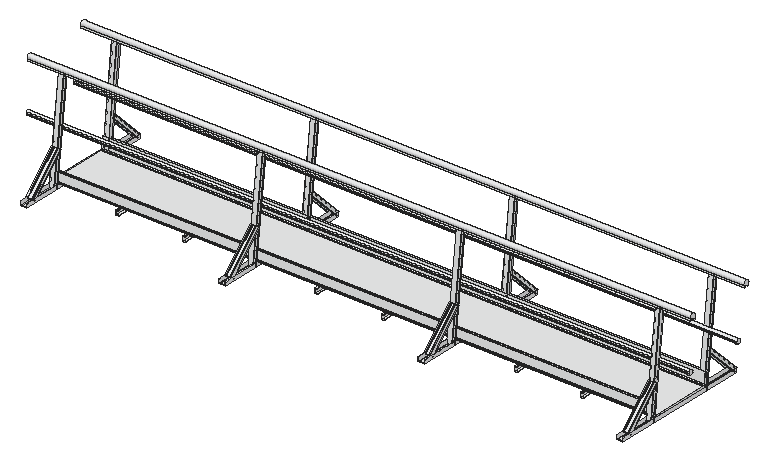
Revit family "Walkway_Kattsafe_Guardrail2Sides", category Specialty Equipment, Revit 2025 (continued)
Definition of nested family "z_Walkway_Batten_Kattsafe_Array"
  Definition of nested family "z_WalkwayBatten_Kattsafe"
    Parameters (values of type "700w (GW359D.700)")
      ManufacturerOverallHeight = 40 mm  # constant formula
      Manufacturer = "SAYFA"  # constant formula
      Keynote = ""
      IfcExportType = "NOTDEFINED"
      IfcExportAs = "IfcRailing"
      Export Type to IFC As = "IfcRailing"
      Description = "Pace 600 Walkway Support Batten"
      Default Elevation = 0 mm  # constant formula
      CreatedBy = "IGS BIM Solutions"  # constant formula
      CreatedByURL = "https://igsgroup.com.au"
    Reference planes
      plane 1 "Bottom": z = 0
      plane 2 "Center (Front/Back)": y = 0
      plane 3 "Front": y = -15
      plane 4 "Left": x = -25.785
      plane 5 "Center (Left/Right)": x = 324.215
      plane 6 "Top": z = 40
      plane 7 "Right": x = 674.215
      plane 8 "Back": y = 15
    Forms (mm)
      Extrusion 1, solid, material <- "Material"
        sketch origin (-25.785, 0, 0) x (0, 1, 0) y (0, 0, 1)
          loop
            line (15, 0) -> (15, 40) -> (-5, 40) -> (-5, 38) -> (13, 38) -> (13, 2) -> (-15, 2) -> (-15, 0) -> (15, 0)
        from 0 to 700
    Dimensions and locks
      "ManufacturerOverallWidth": plane 8 "Back" to plane 3 "Front"
      "ManufacturerOverallHeight": plane 6 "Top" to plane 1 "Bottom"
      equal spacing: plane 4 "Left", plane 5 "Center (Left/Right)", plane 7 "Right"
      "ManufacturerOverallLength": plane 4 "Left" to plane 7 "Right"
      equal spacing: plane 8 "Back", plane 2 "Center (Front/Back)", plane 3 "Front"
      aligned and locked: plane 1 "Bottom" to level
      aligned and locked: Extrusion 1 to plane 4 "Left"
      aligned and locked: Extrusion 1 to plane 7 "Right"
    Automatic sketch dimensions
      level to Extrusion 1 sketch curve = 0 mm
      Extrusion 1 sketch curve to plane 3 "Front" = 0 mm
      plane 6 "Top" to Extrusion 1 sketch curve = 0 mm
      Extrusion 1 sketch curve to plane 8 "Back" = 0 mm
      plane 2 "Center (Front/Back)" to Extrusion 1 sketch curve = 5 mm
      level to Extrusion 1 sketch curve = 2 mm
      plane 8 "Back" to Extrusion 1 sketch curve = 2 mm
      plane 6 "Top" to Extrusion 1 sketch curve = 2 mm
Definition of nested family "z_Guardrail_Kattsafe_HandrailTube"
  Parameters (values of type "GW374")
    URL = "https://kattsafe.com.au/"
    Type Comments = ""
    ModifiedIssue = 20190911
    Model = "GW374"
    Material [instance] = none
    ManufacturerURLProductSpecific = ""
    ManufacturerSpecCode = Model  # "GW374"
    ManufacturerOverallWidth = 50 mm  # constant formula
    ManufacturerOverallLength [instance] = 6000 mm
    ManufacturerOverallHeight = 57 mm  # constant formula
    Manufacturer = "SAYFA"  # constant formula
    Keynote = ""
    Description = "Sentry Handrail Tube"
    Default Elevation = 0 mm  # constant formula
    CreatedBy = "IGS BIM Solutions"  # constant formula
    CreatedByURL = "https://igsgroup.com.au"
  Reference planes
    plane 1 "Bottom": z = 0
    plane 2 "Center (Front/Back)": y = 0
    plane 3 "Front": y = -25
    plane 4 "Left": x = -25.785
    plane 5 "Center (Left/Right)": x = 2974.215
    plane 6 "Top": z = 57
    plane 7 "Right": x = 5974.215
    plane 8 "Back": y = 25
    plane 9 "Rail_Top": z = 15
  Forms (mm)
    Extrusion 1, solid, material <- "Material"
      sketch origin (-25.785, 0, 0) x (0, 1, 0) y (0, 0, 1)
        loop
          arc (21, 18.435) -> (0, 57) -> (-21, 18.435) r 25
          line (-21, 18.435) -> (-21, 0) -> (-20, 0) -> (-20, 15) -> (20, 15) -> (20, 0) -> (21, 0) -> (21, 18.435)
      from 0 to 6000
  Dimensions and locks
    "ManufacturerOverallWidth": plane 8 "Back" to plane 3 "Front"
    "ManufacturerOverallHeight": plane 6 "Top" to plane 1 "Bottom"
    equal spacing: plane 4 "Left", plane 5 "Center (Left/Right)", plane 7 "Right"
    "ManufacturerOverallLength": plane 4 "Left" to plane 7 "Right"
    equal spacing: plane 8 "Back", plane 2 "Center (Front/Back)", plane 3 "Front"
    locked: plane 9 "Rail_Top" to plane 1 "Bottom" at 15
    aligned and locked: plane 1 "Bottom" to level
    aligned and locked: Extrusion 1 sketch curve to plane 1 "Bottom"  (x2)
    aligned and locked: Extrusion 1 to plane 4 "Left"
    aligned and locked: Extrusion 1 to plane 7 "Right"
  Automatic sketch dimensions
    Extrusion 1 sketch curve to plane 2 "Center (Front/Back)" = 0 mm
    Extrusion 1 sketch curve to Extrusion 1 sketch curve = 3.435 mm
    Extrusion 1 sketch curve to plane 9 "Rail_Top" = 3.435 mm
    Extrusion 1 sketch curve to Extrusion 1 sketch curve = 1 mm  (x2)
    plane 3 "Front" to Extrusion 1 sketch curve = 5 mm
    Extrusion 1 sketch curve to plane 9 "Rail_Top" = 17 mm
    plane 9 "Rail_Top" to Extrusion 1 sketch curve = 0 mm
Definition of nested family "z_Guardrail_Kattsafe_KneerailTube"
  Parameters (values of type "GW375")
    URL = "https://kattsafe.com.au/"
    Type Comments = ""
    ModifiedIssue = 20190911
    Model = "GW375"
    Material [instance] = none
    ManufacturerURLProductSpecific = ""
    ManufacturerSpecCode = Model  # "GW375"
    ManufacturerOverallWidth = 34.3 mm  # constant formula
    ManufacturerOverallLength [instance] = 6000 mm
    ManufacturerOverallHeight = 40 mm  # constant formula
    Manufacturer = "SAYFA"  # constant formula
    Keynote = ""
    Description = "Sentry Kneerail Tube"
    Default Elevation = 0 mm  # constant formula
    CreatedBy = "IGS BIM Solutions"  # constant formula
    CreatedByURL = "https://igsgroup.com.au"
  Reference planes
    plane 1 "Bottom": z = 0
    plane 2 "Center (Front/Back)": y = 1.438
    plane 3 "Front": y = -17.15
    plane 4 "Left": x = -25.785
    plane 5 "Center (Left/Right)": x = 2974.215
    plane 6 "Top": z = 40
    plane 7 "Right": x = 5974.215
    plane 8 "Back": y = 17.15
    plane 9 "Center (Elevation)": z = 20
  Forms (mm)
    Extrusion 1, solid, material <- "Material"
      sketch origin (2974.215, 0, 0) x (0, 1, 0) y (0, 0, -1)
        loop
          line (17.15, -32.374) -> (17.15, -7.626)
          arc (17.15, -7.626) -> (-1.443, -0.208) -> (-17.15, -12.617) r 20
          line (-17.15, -12.617) -> (-13.15, -12.617) -> (-13.15, -27.383) -> (-17.15, -27.383)
          arc (-17.15, -27.383) -> (-1.443, -39.792) -> (17.15, -32.374) r 20
      from -3000 to 3000
  Dimensions and locks
    "ManufacturerOverallWidth": plane 8 "Back" to plane 3 "Front"
    "ManufacturerOverallHeight": plane 6 "Top" to plane 1 "Bottom"
    equal spacing: plane 4 "Left", plane 5 "Center (Left/Right)", plane 7 "Right"
    "ManufacturerOverallLength": plane 4 "Left" to plane 7 "Right"
    equal spacing: plane 6 "Top", plane 9 "Center (Elevation)", plane 1 "Bottom"
    aligned and locked: plane 1 "Bottom" to level
    aligned and locked: Extrusion 1 to plane 7 "Right"
    aligned and locked: Extrusion 1 to plane 4 "Left"
  Automatic sketch dimensions
    Extrusion 1 sketch curve to Extrusion 1 sketch curve = 0 mm  (x2)
    Extrusion 1 sketch curve to plane 3 "Front" = 0 mm  (x2)
    Extrusion 1 sketch curve to plane 2 "Center (Front/Back)" = 0 mm
    Extrusion 1 sketch curve to plane 8 "Back" = 0 mm
    plane 9 "Center (Elevation)" to Extrusion 1 sketch curve = 0 mm
    Extrusion 1 sketch curve to Extrusion 1 sketch curve = 4 mm
    Extrusion 1 sketch curve to plane 9 "Center (Elevation)" = 7.383 mm
    plane 9 "Center (Elevation)" to Extrusion 1 sketch curve = 7.383 mm
Definition of nested family "z_Guardrail_Kattsafe_HandrailClosureBend"
  Parameters (values of type "GW387")
    URL = "https://kattsafe.com.au/"
    Type Comments = ""
    ModifiedIssue = 20190917
    Model = "GW387"
    Material [instance] = none
    ManufacturerURLProductSpecific = ""
    ManufacturerSpecCode = Model  # "GW387"
    ManufacturerOverallWidth = 50 mm  # constant formula
    ManufacturerOverallLength [instance] = 400 mm  # constant formula
    ManufacturerOverallHeight = 532 mm  # constant formula
    Manufacturer = "SAYFA"  # constant formula
    Keynote = ""
    Description = "Handrail Closure Bend"
    Default Elevation = 0 mm  # constant formula
    CreatedBy = "IGS BIM Solutions"  # constant formula
    CreatedByURL = "https://igsgroup.com.au"
  Reference planes
    plane 1 "Bottom": z = 0
    plane 2 "Center (Front/Back)": y = 0
    plane 3 "Front": y = -25
    plane 4 "Left": x = -25.785
    plane 5 "Center (Left/Right)": x = 174.215
    plane 6 "Top": z = 532
    plane 7 "Right": x = 374.215
    plane 8 "Handrail_Back": y = 25
    plane 9 "Kneerail_Centre (Front/Back)": y = 34.7
    plane 10 "Kneerail_Centre (Elevation)": z = 20
    plane 11 "Handrail_Centre (Elevation)": z = 507
    plane 12 "Back": y = 59.69
  Forms (mm)
    Sweep 1, solid, material <- "Material"
      path origin (0, 36.034, 1.282) x (1, 0, 0) y (0, -0.071072, 0.997471)
        loop
          line (374.215, 532) -> (74.215, 532)
          arc (74.215, 532) -> (3.505, 502.711) -> (-25.785, 432) r 100
          line (-25.785, 432) -> (-25.785, 93.9)
          arc (-25.785, 93.9) -> (3.505, 23.189) -> (74.215, -6.1) r 100
          line (74.215, -6.1) -> (164.215, -6.1)
      profile origin (224.215, -1.777, 531.937) x (0, 0.071072, -0.997471) y (0, -0.997471, -0.071072)
        loop
          circle (25, 0) r 25
    SweptBlend 2, solid, material <- "Material"
      path origin (0, 34.7, 0) x (-1, 0, 0) y (0, 0, 1)
        loop
          line (-164.215, 20) -> (-174.215, 20)
      profile origin (164.215, 34.7, 20) x (0, 0, 1) y (0, -1, 0)
        loop
          circle (0, 0) r 25
      end profile origin (174.215, 34.7, 20) x (0, 0, 1) y (0, -1, 0)
        loop
          circle (0, 0) r 20
  Lines and regions (mm)
    symbolic lines
      curve 1: circle (374.215, 34.7, 20) r 25 normal (1, 0, 0)
  Dimensions and locks
    "ManufacturerOverallWidth": plane 8 "Handrail_Back" to plane 3 "Front"
    "ManufacturerOverallHeight": plane 6 "Top" to plane 1 "Bottom"
    equal spacing: plane 4 "Left", plane 5 "Center (Left/Right)", plane 7 "Right"
    "ManufacturerOverallLength": plane 4 "Left" to plane 7 "Right"
    equal spacing: plane 8 "Handrail_Back", plane 2 "Center (Front/Back)", plane 3 "Front"
    locked: plane 2 "Center (Front/Back)" to plane 9 "Kneerail_Centre (Front/Back)" at 34.7
    locked: profile plane to Sweep 1 sketch curve at 25
    Sweep 1 sketch curve to plane 5 "Center (Left/Right)" = 10 mm
    locked: plane 12 "Back" to plane 3 "Front" at 84.69
    radius of Sweep 1 sketch curve = 100 mm  (x2)
    radius of SweptBlend 2 sketch curve = 25 mm
    radius of SweptBlend 2 sketch curve = 20 mm
    aligned and locked: plane 1 "Bottom" to level
    aligned and locked: Sweep 1 sketch curve to plane 4 "Left"
    aligned and locked: profile plane to Sweep 1 sketch curve
    aligned and locked: plane 10 "Kneerail_Centre (Elevation)" to SweptBlend 2 sketch curve
    aligned and locked: profile plane to SweptBlend 2 sketch curve  (x4)
  Automatic sketch dimensions
    curve 1 to plane 9 "Kneerail_Centre (Front/Back)" = 0 mm
    plane 10 "Kneerail_Centre (Elevation)" to curve 1 = 0 mm
    Sweep 1 sketch curve to plane 7 "Right" = 0 mm
    Sweep 1 sketch curve to Sweep 1 sketch curve = 338.1 mm
    plane 5 "Center (Left/Right)" to SweptBlend 2 sketch curve = 0 mm
    SweptBlend 2 sketch curve to plane 5 "Center (Left/Right)" = 10 mm
    radius of curve 1 = 25 mm
    radius of Sweep 1 sketch curve = 25 mm
Definition of nested family "z_Guardrail_Kattsafe_ToeBoard"
  Parameters (values of type "GW320")
    URL = "https://kattsafe.com.au/"
    Type Comments = ""
    ModifiedIssue = 20190930
    Model = "GW320"
    Material [instance] = none
    ManufacturerURLProductSpecific = ""
    ManufacturerSpecCode = Model  # "GW320"
    ManufacturerOverallWidth = 25 mm  # constant formula
    ManufacturerOverallLength [instance] = 6000 mm
    ManufacturerOverallHeight = 100 mm  # constant formula
    Manufacturer = "SAYFA"  # constant formula
    Keynote = ""
    Description = "SENTRY Toe Board 100 x 25 C Section"
    Default Elevation = 0 mm  # constant formula
    CreatedBy = "IGS BIM Solutions"  # constant formula
    CreatedByURL = "https://igsgroup.com.au"
  Reference planes
    plane 1 "Bottom": z = 0
    plane 2 "Center (Front/Back)": y = 0
    plane 3 "Front": y = -12.5
    plane 4 "Left": x = -25.785
    plane 5 "Center (Left/Right)": x = 2974.215
    plane 6 "Top": z = 100
    plane 7 "Right": x = 5974.215
    plane 8 "Back": y = 12.5
  Forms (mm)
    Extrusion 1, solid, material <- "Material"
      sketch origin (-25.785, 0, 0) x (0, 1, 0) y (0, 0, 1)
        loop
          line (12.5, 0) -> (12.5, 100) -> (-12.5, 100) -> (-12.5, 97) -> (9.5, 97) -> (9.5, 3) -> (-12.5, 3) -> (-12.5, 0) -> (12.5, 0)
      from 0 to 6000
  Dimensions and locks
    "ManufacturerOverallWidth": plane 8 "Back" to plane 3 "Front"
    "ManufacturerOverallHeight": plane 6 "Top" to plane 1 "Bottom"
    equal spacing: plane 4 "Left", plane 5 "Center (Left/Right)", plane 7 "Right"
    "ManufacturerOverallLength": plane 4 "Left" to plane 7 "Right"
    equal spacing: plane 8 "Back", plane 2 "Center (Front/Back)", plane 3 "Front"
    aligned and locked: plane 1 "Bottom" to level
    aligned and locked: Extrusion 1 to plane 4 "Left"
    aligned and locked: Extrusion 1 to plane 7 "Right"
  Automatic sketch dimensions
    level to Extrusion 1 sketch curve = 0 mm
    Extrusion 1 sketch curve to plane 3 "Front" = 0 mm
    plane 6 "Top" to Extrusion 1 sketch curve = 0 mm
    Extrusion 1 sketch curve to plane 8 "Back" = 0 mm
    plane 2 "Center (Front/Back)" to Extrusion 1 sketch curve = 12.5 mm
    level to Extrusion 1 sketch curve = 3 mm
    plane 8 "Back" to Extrusion 1 sketch curve = 3 mm
    plane 6 "Top" to Extrusion 1 sketch curve = 3 mm
Types (2, lengths in mm): name | RoofPitchCalc2 | RoofPitchCalc | RoofPitch | PostsHeight | ManufacturerOverallHeightCalc | GuardrailHeight | ManufacturerURLProductSpecific | ManufacturerOverallHeight | AcrossSlope
  Across Slope (GW6) | 97.00° | 7.00° | 7.00° | 998 | 1040 | 985 | "https://kattsafe.com.au/products/guardrails-walkway/guardrail-only-gw" | 1040 | yes
  Along Slope (GW6) | 90.00° | 0.00° | 0.00° | 1003 | 1045 | 990 | "https://kattsafe.com.au/products/guardrails-walkway/guardrail-and-walkway-gw" | 1045 | no
